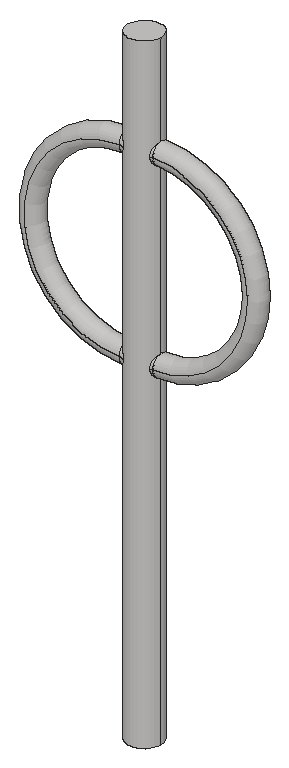
Revit family "129313 - Bicycle Racks - Type 1", category Site, Revit 2020
Family settings
  Round Connector Dimension = Use Diameter
  Part Type = Normal
  Work Plane-Based = No
  Always vertical = Yes
  Cut with Voids When Loaded = No
  Shared = No
Parameters (values of type "In Ground")
  URL = "http://www.dero.com/autospec/bike_hitch.html"
  Surface Mount = no
  Pole Length = 3' - 9"
  Model = "BH-IG"
  Bike Footprint (Refer to www.dero.com for more precise info) [instance] = no
  Manufacturer = "Dero Bike Racks"
  Description = "Bike Hitch"
  Dero Weight (In Lbs) = 25
  Dero Recycled Content = "Galvanized Steel 31.6% Recycled Content, Stainless Steel 67% Recycled Content"
  Dero Parkable Bikes = 2
  Dero Finishes [instance] = DERO BIKE HITCH RACK
Reference planes
  plane 1 "Center (Front/Back)": y = 0
  plane 2: z = 0
  plane 3 "Center (Left/Right)": x = 0
Forms (mm)
  Extrusion 1, solid, material "DERO BIKE HITCH RACK" <- "Dero Finishes", visible <- "Surface Mount"
    sketch origin (0, 0, 0) x (1, 0, 0) y (0, 1, 0)
      loop
        line (-63.5, 76.2) -> (-63.5, -76.2) -> (63.5, -76.2) -> (63.5, 76.2) -> (-63.5, 76.2)
      loop
        arc (-49.212, 49.213) -> (-43.656, 43.656) -> (-38.1, 49.213) r 5.556
        line (-38.1, 49.213) -> (-38.1, 63.5)
        arc (-38.1, 63.5) -> (-43.656, 69.056) -> (-49.212, 63.5) r 5.556
        line (-49.212, 63.5) -> (-49.212, 49.213)
      loop
        line (49.213, 49.213) -> (49.213, 63.5)
        arc (49.213, 63.5) -> (43.656, 69.056) -> (38.1, 63.5) r 5.556
        line (38.1, 63.5) -> (38.1, 49.212)
        arc (38.1, 49.212) -> (43.656, 43.656) -> (49.213, 49.213) r 5.556
      loop
        line (-49.212, -49.212) -> (-49.212, -63.5)
        arc (-49.212, -63.5) -> (-43.656, -69.056) -> (-38.1, -63.5) r 5.556
        line (-38.1, -63.5) -> (-38.1, -49.212)
        arc (-38.1, -49.212) -> (-43.656, -43.656) -> (-49.212, -49.212) r 5.556
      loop
        arc (49.213, -49.212) -> (43.656, -43.656) -> (38.1, -49.212) r 5.556
        line (38.1, -49.212) -> (38.1, -63.5)
        arc (38.1, -63.5) -> (43.656, -69.056) -> (49.213, -63.5) r 5.556
        line (49.213, -63.5) -> (49.213, -49.212)
    from 0 to 6.35
  Sweep 2, solid, material "DERO BIKE HITCH RACK" <- "Dero Finishes"
    path origin (0, 0, 0) x (1, 0, 0) y (0, 0, 1)
      loop
        line (0, 708.66) -> (-30.162, 708.66)
        arc (-30.162, 708.66) -> (-201.612, 537.21) -> (-30.162, 365.76) r 171.45
        line (-30.162, 365.76) -> (0, 365.76)
    profile origin (-201.612, 0, 537.21) x (0, -1, 0) y (1, 0, 0)
      loop
        circle (0, 0) r 19.05
  Sweep 3, solid, material "DERO BIKE HITCH RACK" <- "Dero Finishes"
    path origin (0, 0, 0) x (-1, 0, 0) y (0, 0, 1)
      loop
        line (0, 708.66) -> (-30.163, 708.66)
        arc (-30.163, 708.66) -> (-201.613, 537.21) -> (-30.163, 365.76) r 171.45
        line (-30.163, 365.76) -> (0, 365.76)
    profile origin (201.613, 0, 537.21) x (0, -1, 0) y (1, 0, 0)
      loop
        circle (0, 0) r 19.05
  Sweep 4, solid, material "DERO BIKE HITCH RACK" <- "Dero Finishes"
    path origin (0, 0, 0) x (1, 0, 0) y (0, 0, 1)
      loop
        line (0, -247.65) -> (0, 895.35)
    profile origin (0, 0, 323.85) x (-1, 0, 0) y (0, -1, 0)
      loop
        circle (0, 0) r 30.163
Cuts and joins
  joined: Sweep 2, Sweep 3, Sweep 4
Lines and regions (mm)
  symbolic lines, style "SiteHiddenLines", visible <- "Bike Footprint (Refer to www.dero.com for more precise info)"
    curve 1: line (-1397, 381, 0) -> (1397, 381, 0)
    curve 2: line (-1397, -381, 0) -> (-1397, 381, 0)
    curve 3: line (1397, -381, 0) -> (-1397, -381, 0)
    curve 4: line (1397, 381, 0) -> (1397, -381, 0)
Dimensions and locks
  locked: Sweep 4 sketch curve to plane 2 at 895.35
  "Pole Length": Sweep 4 sketch curve to Sweep 4 sketch curve
  plane 1 "Center (Front/Back)" to curve 1 = 1' - 3"
  curve 3 to curve 1 = 2' - 6"
  curve 2 to plane 3 "Center (Left/Right)" = 4' - 7"
  curve 2 to curve 4 = 9' - 2"
Automatic sketch dimensions
  Extrusion 1 sketch curve to plane 3 "Center (Left/Right)" = 0' - 2 1/2"
  Extrusion 1 sketch curve to Extrusion 1 sketch curve = 0' - 0 9/16"  (x7)
  Extrusion 1 sketch curve to Extrusion 1 sketch curve = 0' - 0 7/32"  (x4)
  plane 3 "Center (Left/Right)" to Extrusion 1 sketch curve = 0' - 1 1/2"  (x2)
  plane 1 "Center (Front/Back)" to Extrusion 1 sketch curve = 0' - 3"
  Extrusion 1 sketch curve to Extrusion 1 sketch curve = 0' - 0 1/2"  (x3)
  Extrusion 1 sketch curve to plane 1 "Center (Front/Back)" = 0' - 1 15/16"  (x2)
  Sweep 2 sketch curve to plane 3 "Center (Left/Right)" = 0' - 0"  (x2)
  Sweep 2 sketch curve to plane 3 "Center (Left/Right)" = 0' - 1 3/16"
  level to Sweep 2 sketch curve = 1' - 2.4"
  Sweep 2 sketch curve to Sweep 2 sketch curve = 0' - 6 3/4"
  Sweep 2 sketch curve to plane 1 "Center (Front/Back)" = 0' - 0"
  Sweep 2 sketch curve to profile plane = 0' - 0"
  Sweep 3 sketch curve to plane 3 "Center (Left/Right)" = 0' - 0"  (x2)
  Sweep 3 sketch curve to plane 3 "Center (Left/Right)" = 0' - 1 3/16"
  Sweep 3 sketch curve to level = 1' - 2.4"
  Sweep 3 sketch curve to Sweep 3 sketch curve = 0' - 6 3/4"
  Sweep 3 sketch curve to plane 1 "Center (Front/Back)" = 0' - 0"
  Sweep 3 sketch curve to profile plane = 0' - 0"
  Sweep 4 sketch curve to plane 3 "Center (Left/Right)" = 0' - 0"
  Sweep 4 sketch curve to plane 1 "Center (Front/Back)" = 0' - 0"
  Sweep 4 sketch curve to profile plane = 0' - 0"
  radius of Sweep 2 sketch curve = 0' - 0 3/4"
  radius of Sweep 3 sketch curve = 0' - 0 3/4"
  radius of Sweep 4 sketch curve = 0' - 1 3/16"
